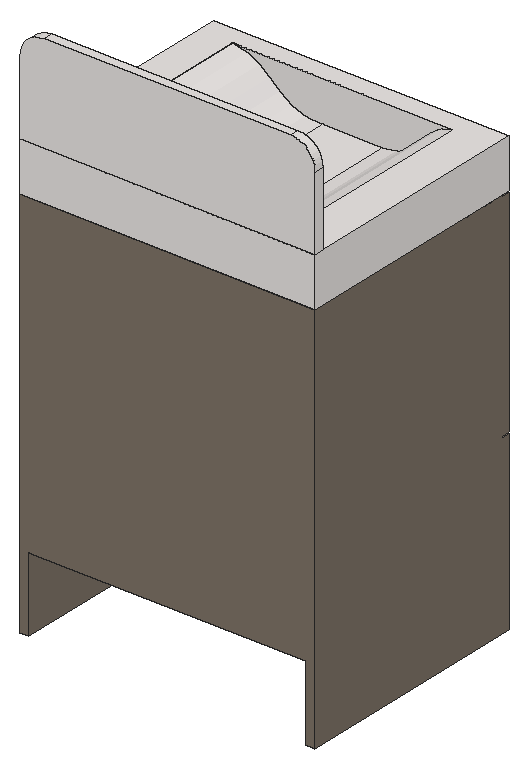
Revit family "Single Sink Vanity 24 in_Wall Hung", category Casework, host Wall, Revit 2025
Family settings
  Host = Wall
  OmniClass Number = 23.40.35.00
  OmniClass Title = Casework
  Always vertical = Yes
  Cut with Voids When Loaded = No
  Shared = No
  Room Calculation Point = No
Parameters (values of type "Single Sink Vanity 794mm_Wall Hung")
  Width = 2' - 0.0389"
  Mirror Height = 0' - 4.06299"
  Length = 3' - 6"
  Height = 3' - 0"
  Depth = 1' - 7.68504"
  Default Elevation = 0' - 0"
  Countertop Thickness = 0' - 4"
  Cabinet Mullions = 0' - 0 3/4"
  Backsplash Height = 0' - 8.00028"
Types (2): name | Height | Countertop Thickness
  Single Sink Vanity 794mm_Wall Hung | 3' - 0" | 0' - 4"
  Single Sink Vanity 24"_Wall Hung | 2' - 9.46457" | 0' - 5.90597"
Reference planes (in)
  plane 1: y = 0
  plane 2 "Center (Left/Right)": x = 0
  plane 3 "Left": x = -2.50394
  plane 4 "Right": x = 39.49606
  plane 5 "Front": y = 22.68504
  plane 6 "Back": y = 3
  plane 7 "Top": z = 36
Forms (in)
  Extrusion 1, solid, material "Calacatta Gold (LARXKB)"
    sketch origin (4.26772, 0, 2.53543) x (1, 0, 0) y (0, 1, 0)
      loop
        line (-11.51181, 22.68504) -> (-11.51181, 3) -> (12.52709, 3) -> (12.52709, 22.68504) -> (-11.51181, 22.68504)
    from 29.46457 to 33.46457
  Extrusion 2, solid, material "Walnut (R3DVLB)"
    sketch origin (-0.09375, 0, 0) x (1, 0, 0) y (0, 1, 0)
      loop
        line (-7.15034, 3) -> (16.88856, 3) -> (16.88856, 22.68504) -> (-7.15034, 22.68504) -> (-7.15034, 3)
    from 0 to 32
  Extrusion 3, void
    sketch origin (2.51378, 22.68504, 2.53543) x (-1, 0, 0) y (0, 0, -1)
      loop
        line (-11.02119, -33.46457) -> (-11.21668, -34.57326) -> (6.97881, -34.57326) -> (6.97881, -33.42613)
        spline (6.97881, -33.42613) -> (6.2379, -33.31965) -> (5.59373, -33.09991) -> (5.0243, -32.79155) -> (4.50762, -32.41917) -> (4.0217, -32.00739) -> (3.54453, -31.58083) -> (3.05413, -31.1641) -> (2.5285, -30.78183) -> (1.94565, -30.45862) -> (1.28358, -30.21909) -> (0.52029, -30.08787) -> (-0.3662, -30.08957)
        line (-0.3662, -30.08957) -> (-5.17552, -30.08957)
        spline (-5.17552, -30.08957) -> (-5.91389, -30.16014) -> (-6.53886, -30.3314) -> (-7.07076, -30.58463) -> (-7.52988, -30.90112) -> (-7.93656, -31.26214) -> (-8.31111, -31.649) -> (-8.67383, -32.04297) -> (-9.04505, -32.42534) -> (-9.44508, -32.7774) -> (-9.89424, -33.08044) -> (-10.41283, -33.31573) -> (-11.02119, -33.46457)
    from 1.48177 to 15.74504
  Extrusion 4, solid, material "Calacatta Gold (LARXKB)"
    sketch origin (-7.24409, 3, 36.00028) x (0, 0, 1) y (1, 0, 0)
      loop
        line (0, 24.0389) -> (0, 0) -> (6, 0)
        arc (6, 0) -> (7.41421, 0.58579) -> (8, 2) r 2
        line (8, 2) -> (8, 22.0389)
        arc (8, 22.0389) -> (7.41421, 23.45312) -> (6, 24.0389) r 2
        line (6, 24.0389) -> (0, 24.0389)
    from 0 to 0.75
  Extrusion 5, void
    sketch origin (39.40231, 22.68504, 0) x (1, 0, 0) y (0, 0, 1)
      loop
        line (-23.3575, 31) -> (-34.62696, 31) -> (-45.89641, 31) -> (-45.89641, 15.31553) -> (-34.62696, 15.31553) -> (-23.3575, 15.31553) -> (-23.3575, 31)
      loop
        line (-34.37696, 30) -> (-34.37696, 15.56553) -> (-23.6075, 15.56553) -> (-23.6075, 30) -> (-34.37696, 30)
      loop
        line (-34.87696, 30) -> (-45.64641, 30) -> (-45.64641, 15.56553) -> (-34.87696, 15.56553) -> (-34.87696, 30)
    from 0 to 0.5
  Extrusion 6, void
    sketch origin (39.40231, 22.68504, 0) x (1, 0, 0) y (0, 0, 1)
      loop
        line (-23.3575, 0) -> (-23.3575, 6.09403) -> (-45.89641, 6.09403) -> (-45.89641, 0) -> (-23.3575, 0)
    from 0 to 24
  Extrusion 7, void
    sketch origin (39.40231, 22.68504, 0) x (1, 0, 0) y (0, 0, 1)
      loop
        line (-22.6075, 14.28702) -> (-22.6075, 14.41202) -> (-46.64641, 14.41202) -> (-46.64641, 14.28702) -> (-22.6075, 14.28702)
      loop
        line (-22.6075, 31.875) -> (-22.6075, 32) -> (-46.64641, 32) -> (-46.64641, 31.875) -> (-22.6075, 31.875)
    from 0 to 0.75
  Extrusion 8, void
    sketch origin (39.40231, 22.68504, 0) x (1, 0, 0) y (0, 0, 1)
      loop
        line (-23.3575, 7.1582) -> (-23.3575, 13.41728) -> (-45.89641, 13.41728) -> (-45.89641, 7.1582) -> (-23.3575, 7.1582)
    from 0 to 15.74504
Cuts and joins
  Extrusion 3 cuts Extrusion 1
  Extrusion 5, Extrusion 6, Extrusion 7, Extrusion 8 cuts Extrusion 2
Lines and regions (in)
  reference lines
    curve 1: line (28.75591, 3, 36.00028) -> (28.75591, 3, 80.00028)
    curve 2: line (-7.24409, 3, 36.00028) -> (-7.24409, 3, 79.00028)
    curve 3: line (24.74606, 36.93504, 0) -> (24.74606, -6.31496, 0)
    curve 4: line (16.79481, 3, 36.00028) -> (16.79481, 3, 79.00028)
    curve 5: line (22.79481, 22.68504, 44.00028) -> (-38.20519, 22.68504, 44.00028)
    curve 6: line (21.50591, 22.68504, 32) -> (-11.49409, 22.68504, 32)
Text (in)
  text "Placement Side" at (0, 40.15149, 123.01588), in view "Right"
  text "Placement Side" at (-65.09404, 56.76262, 0), in view "Ref. Level"
  text "Placement Side" at (0, 47.49176, 112.82392), in view "Left"
Dimensions and locks (in)
  locked: host wall to plane 6 "Back"
  "Depth": plane 6 "Back" to plane 5 "Front"
  plane 3 "Left" to plane 2 "Center (Left/Right)" to plane 4 "Right" = 0' - 2.50394", 3' - 3.49606"
  "Length": plane 3 "Left" to plane 4 "Right"
  "Height": plane 7 "Top" to level
  "Height": level to plane 7 "Top"
  Extrusion 3 sketch curve to Extrusion 3 sketch curve = 1' - 6.00004"
  cut or joined group of Extrusion 1, Extrusion 3 to cut or joined group of Extrusion 1, Extrusion 3 = 2' - 0.0389"
  "Backsplash Height": plane 7 "Top" to curve 5
  "Countertop Thickness": curve 6 to plane 7 "Top"
  "Width": curve 2 to curve 4
  locked: cut or joined group of Extrusion 1, Extrusion 3 to Extrusion 3 sketch curve at 0.625
  aligned and locked: plane 7 "Top" to Extrusion 1
  aligned and locked: Extrusion 1 to curve 2
  aligned and locked: Extrusion 4 to Extrusion 1
  aligned and locked: Extrusion 4 to cut or joined group of Extrusion 1, Extrusion 3
  aligned and locked: Extrusion 4 to curve 5
  aligned and locked: Extrusion 4 to curve 2
  aligned and locked: Extrusion 2 to cut or joined group of Extrusion 1, Extrusion 3
  aligned and locked: curve 6 to Extrusion 1
Automatic sketch dimensions
  host wall to curve 3 = 0' - 3.31496"
  plane 4 "Right" to curve 3 = 1' - 2 3/4"
  curve 3 to plane 5 "Front" = 1' - 2 1/4"
  plane 4 "Right" to curve 1 = 0' - 10.74016"
  plane 7 "Top" to curve 4 = 0' - 0.00028"
  plane 3 "Left" to curve 2 = 0' - 4.74016"
  plane 7 "Top" to curve 2 = 0' - 0.00028"
  plane 7 "Top" to curve 1 = 0' - 0.00028"
  curve 2 to curve 2 = 3' - 7"
  curve 4 to curve 2 = 0' - 0"
  curve 4 to curve 1 = 0' - 1"
  Extrusion 1 sketch curve to host wall = 0' - 0"
  plane 5 "Front" to Extrusion 1 sketch curve = 0' - 0"
  plane 3 "Left" to Extrusion 1 sketch curve = 0' - 4.74016"
  plane 2 "Center (Left/Right)" to Extrusion 1 sketch curve = 1' - 4.79481"
  plane 5 "Front" to Extrusion 2 sketch curve = 0' - 0"
  Extrusion 2 sketch curve to host wall = 0' - 0"
  plane 3 "Left" to Extrusion 2 sketch curve = 0' - 4.74016"
  plane 2 "Center (Left/Right)" to Extrusion 2 sketch curve = 1' - 4.79481"
  Extrusion 4 sketch curve to curve 2 = 0' - 0"  (x2)
  curve 2 to Extrusion 4 sketch curve = 2' - 0.0389"
  curve 2 to Extrusion 4 sketch curve = 0' - 6"  (x2)
  Extrusion 4 sketch curve to Extrusion 4 sketch curve = 0' - 2"
  Extrusion 6 sketch curve to Extrusion 2 = 0' - 0"
  Extrusion 2 to Extrusion 6 sketch curve = 0' - 0 3/4"
  Extrusion 6 sketch curve to Extrusion 2 = 0' - 0 3/4"
  Extrusion 6 sketch curve to Extrusion 2 = 0' - 6.09403"
  Extrusion 7 sketch curve to Extrusion 2 = 0' - 0"  (x5)
  Extrusion 7 sketch curve to Extrusion 2 = 0' - 0 1/8"
  Extrusion 7 sketch curve to Extrusion 7 sketch curve = 1' - 5.46298"
  Extrusion 7 sketch curve to Extrusion 7 sketch curve = 0' - 0 1/8"
  Extrusion 3 sketch curve to Extrusion 1 = 0' - 0"
  Extrusion 1 to Extrusion 3 sketch curve = 0' - 1.10869"
  Extrusion 1 to Extrusion 3 sketch curve = 0' - 3.06435"
  Extrusion 3 sketch curve to Extrusion 3 sketch curve = 0' - 0.19549"
  Extrusion 3 sketch curve to Extrusion 3 sketch curve = 0' - 5.84567"
  Extrusion 3 sketch curve to Extrusion 3 sketch curve = 1' - 0.15433"
  Extrusion 3 sketch curve to Extrusion 3 sketch curve = 0' - 4.80932"
  Extrusion 2 to Extrusion 8 sketch curve = 0' - 0 3/4"
  Extrusion 8 sketch curve to Extrusion 2 = 0' - 0 3/4"
  Extrusion 8 sketch curve to Extrusion 2 = 0' - 7.1582"
  Extrusion 8 sketch curve to Extrusion 8 sketch curve = 0' - 6.25908"
  Extrusion 2 to Extrusion 5 sketch curve = 0' - 0 3/4"
  Extrusion 5 sketch curve to Extrusion 5 sketch curve = 0' - 0 1/4"  (x6)
  Extrusion 5 sketch curve to Extrusion 5 sketch curve = 0' - 10.76945"
  Extrusion 5 sketch curve to Extrusion 5 sketch curve = 0' - 0 1/2"
  Extrusion 5 sketch curve to Extrusion 2 = 0' - 1"  (x2)
  Extrusion 5 sketch curve to Extrusion 2 = 1' - 3.31553"
  Extrusion 5 sketch curve to Extrusion 2 = 0' - 2"  (x2)
  plane 3 "Left" to curve 5 = 2' - 11.70125"
  plane 3 "Left" to curve 6 = 0' - 8.99016"
  plane 4 "Right" to curve 6 = 1' - 5.99016"
  curve 6 to curve 5 = 0' - 1.2889"
